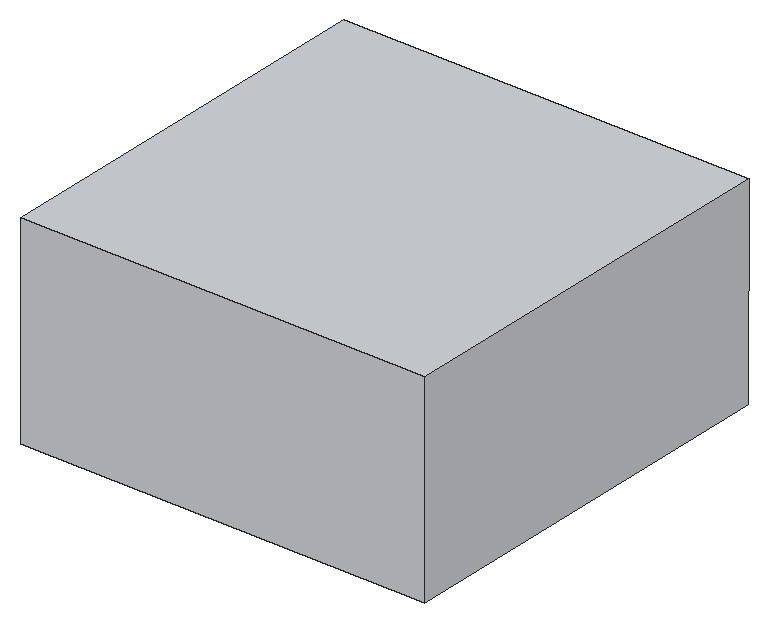
Revit family "Junction Box with Isolated Ground Outlet", category Electrical Fixtures, host Face, Revit 2025
Family settings
  Host = Face
  Round Connector Dimension = Use Diameter
  Part Type = Junction Box
  Cut with Voids When Loaded = No
  Maintain Annotation Orientation = Yes
  Shared = No
  Room Calculation Point = No
Parameters (values of type "Wall Mounted")
  Width = 3"
  Wall Mounted = not(Face Mounted)  # yes
  Height = 3"
  Face Mounted = no
  Depth - Top = Depth * 2 / 3  # 1"
  Depth - Back = Depth * 1 / 3  # 1/2"
  Depth = 1 1/2"
  Default Elevation = 48"
Types (2): name | Wall Mounted | Face Mounted
  Face Mounted | no | yes
  Wall Mounted | yes | no
Reference planes (in)
  plane 1 "Center (Front/Back)": y = 0
  plane 2: z = 0
  plane 3 "Center (Left/Right)": x = 0
  plane 4: z = 1
  plane 5 "base": z = -0.5
Forms (in)
  Extrusion 1, solid
    sketch origin (0, 0, -0.5) x (-1, 0, 0) y (0, -1, 0)
      loop
        line (1.5, -1.5) -> (1.5, 1.5) -> (-1.5, 1.5) -> (-1.5, -1.5) -> (1.5, -1.5)
    from 0 to 1.5
Dimensions and locks (in)
  equal spacing: Extrusion 1 sketch curve, plane 3 "Center (Left/Right)", Extrusion 1 sketch curve
  "Width": Extrusion 1 sketch curve to Extrusion 1 sketch curve
  "Height": Extrusion 1 sketch curve to Extrusion 1 sketch curve
  equal spacing: Extrusion 1 sketch curve, plane 1 "Center (Front/Back)", Extrusion 1 sketch curve
  "Depth - Back": plane 2 to plane 5 "base"
  "Depth - Top": plane 4 to plane 2
  aligned and locked: plane 2 to host face
  aligned and locked: level to host face
  aligned and locked: plane 4 to Extrusion 1
Automatic sketch dimensions
  host sketch curve to host sketch curve = 96"  (x2)
Nested families (in)
  nested 1: "Face Mounted" at (0, 0, 0), visible <- "Face Mounted", type "Standard"
  nested 2: "Wall Mounted" at (0, 0, 0), visible <- "Wall Mounted", type "Standard"
Connectors (in)
  electrical at (0, 0, 1)
    settings: on Extrusion 1, index 1, voltage 0 V, apparent load 0 VA, apparent load phase1 0 VA, apparent load phase2 0 VA, apparent load phase3 0 VA, power factor 1, load classification "Other", number of poles 1, system type 31, power factor state 1, is connector primary yes, connector utility no, sub classification motor no, connector description ""
Definition of nested family "Face Mounted"
  Reference planes (in)
    plane 1: y = 0
    plane 2: x = 0
  Lines and regions (in)
    Filled region 1, type "Solid Black"
      outline origin (-0.02462, 0.02136, 0) x (1, 0, 0) y (0, 1, 0)
        loop
          line (-0.10038, -0.02136) -> (0.08712, -0.12961) -> (0.08712, 0.0869) -> (-0.10038, -0.02136)
    detail lines
      curve 1: circle (0, 0, 0) r 0.125 normal (0, 0, 1)
Definition of nested family "Wall Mounted"
  Reference planes (in)
    plane 1: y = 0
    plane 2: x = 0
  Lines and regions (in)
    Filled region 1, type "Solid Black"
      outline origin (0, 0, 0) x (1, 0, 0) y (0, 1, 0)
        loop
          line (-0.125, 0.125) -> (0.0625, 0.01675) -> (0.0625, 0.23325) -> (-0.125, 0.125)
    detail lines
      curve 1: circle (0, 0.125, 0) r 0.125 normal (0, 0, 1)
